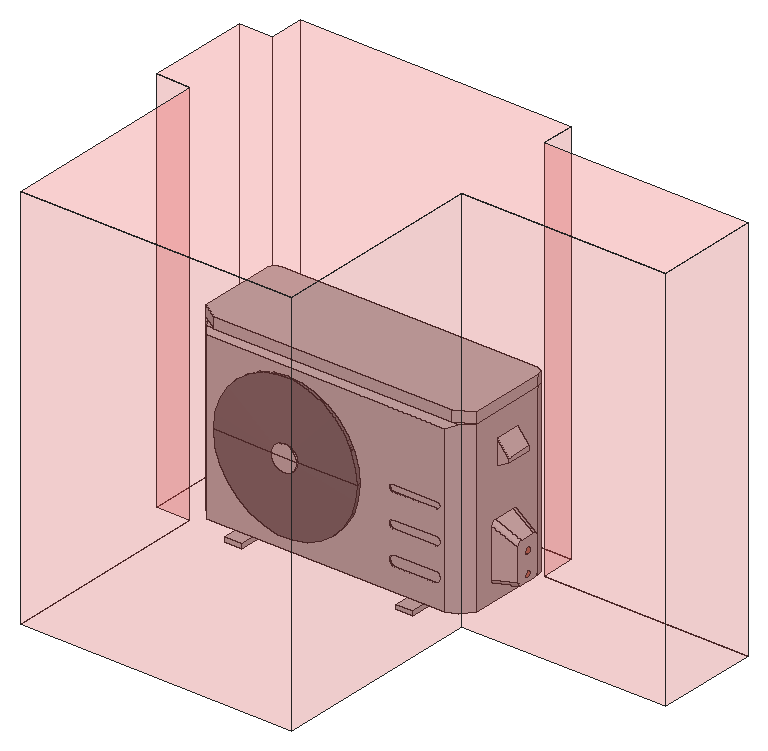
Revit family "Heat Pump-Split System-Outdoor-Carrier-Single Phase-0.75-3 ton", category Mechanical Equipment, Revit 2015 (continued)
Types in the file's own list only (13): name | Voltage | Visibility 2 | Visibility 1 | Unit Net Weight | Type Comments | Shroud Radius | Shroud Diameter | Length 25 | Length 23 | Length 22 | Length 20 | Length 19 | DX Shield Length | Relief 3 Height | Relief 2 Height | Model | Minimum Circuit Amps | Maximum Overcurrent Protection | Lid Width | Length 9 | Length 7 | Length 18 | Length 17 | Length 14 | Length 13 | Length 10 | Heating Capacity | Fan X Offset | Fan Radius | Fan Material | Fan Diameter | DX Liquid Z Offset | DX Liquid Socket Radius | DX Gas Z Offset | DX Gas Socket Radius | DX Connection Y Offset | Cooling Capacity | Height | Length 1 | Foot Center to Center | DX Liquid Radius | DX Liquid Diameter | DX Gas Radius | DX Gas Diameter | Length | Width | Body Width | Apparent Load
  38MAQB09R--3 - 230 v | 230 V | No | No | 91.50 lb | "0.75 ton Cooling Capacity - 230 v" | 8.50" | 17.00" | 0.20" | 0.50" | 1.50" | 0.78" | 1.47" | 2.79" | 0.75" | 1.00" | "38MAQB09R--3" | 9 A | 15 A | 11.23" | 0.44" | 22.04" | 5.25" | 5.00" | 5.67" | 2.83" | 0.38" | 11000.0 Btu/h | 11.50" | 8.00" | Metal - Carrier - Fan 1 | 16.00" | 3.26" | 0.28" | 5.72" | 0.34" | 7.25" | 9000.0 Btu/h | 21.81" | 2.61" | 20.22" | 1/8" | 1/4" | 1/4" | 3/8" | 32.04" | 14.36" | 12.23" | 2588 VA
  38MAQB12R--3 - 230 v | 230 V | No | No | 91.50 lb | "1 ton Cooling Capacity - 230 v" | 8.50" | 17.00" | 0.20" | 0.50" | 1.50" | 0.78" | 1.53" | 2.79" | 0.75" | 1.00" | "38MAQB12R--3" | 9 A | 15 A | 11.23" | 0.50" | 22.04" | 5.25" | 5.00" | 5.67" | 2.83" | 0.38" | 12000.0 Btu/h | 11.50" | 8.00" | Metal - Carrier - Fan 1 | 16.00" | 3.26" | 0.28" | 5.72" | 0.40" | 7.25" | 12000.0 Btu/h | 21.81" | 2.61" | 20.22" | 1/8" | 1/4" | 1/4" | 1/2" | 32.04" | 14.36" | 12.23" | 2588 VA
  38MAQB18R--3 - 230 v | 230 V | No | Yes | 118.20 lb | "1.5 ton Cooling Capacity - 230 v" | 8.50" | 17.00" | 0.20" | 0.50" | 1.50" | 0.78" | 1.53" | 2.80" | 1.25" | 1.25" | "38MAQB18R--3" | 18 A | 25 A | 12.15" | 0.50" | 23.19" | 4.75" | 4.75" | 5.67" | 2.83" | 0.38" | 18000.0 Btu/h | 11.50" | 8.00" | Metal - Carrier - Fan 1 | 16.00" | 3.64" | 0.28" | 6.13" | 0.40" | 7.25" | 18000.0 Btu/h | 27.68" | 3.59" | 21.28" | 1/8" | 1/4" | 1/4" | 1/2" | 33.19" | 14.84" | 13.15" | 5175 VA
  38MAQB24R--3 - 230 v | 230 V | Yes | No | 145.50 lb | "2 ton Cooling Capacity - 230 v" | 11.50" | 23.00" | 30.67" | 0.50" | 1.50" | 0.84" | 1.59" | 3.38" | 0.75" | 1.00" | "38MAQB24R--3" | 20 A | 30 A | 14.27" | 0.56" | 27.78" | 5.25" | 5.00" | 7.67" | 3.83" | 0.44" | 24000.0 Btu/h | 14.50" | 11.00" | Metal - Carrier - Fan 2 | 22.00" | 4.27" | 0.34" | 6.95" | 0.46" | 13.50" | 24000.0 Btu/h | 31.91" | 4.29" | 26.49" | 1/4" | 3/8" | 3/8" | 5/8" | 37.78" | 17.90" | 15.27" | 5750 VA
  38MAQB30R--3 - 230 v | 230 V | Yes | No | 139.80 lb | "2.5 ton Cooling Capacity - 230 v" | 11.50" | 23.00" | 30.67" | 2.00" | 0.75" | 0.84" | 1.59" | 3.38" | 0.75" | 1.00" | "38MAQB30R--3" | 20 A | 30 A | 14.27" | 0.56" | 27.78" | 5.25" | 5.00" | 7.67" | 3.83" | 0.44" | 30000.0 Btu/h | 14.50" | 11.00" | Metal - Carrier - Fan 2 | 22.00" | 4.27" | 0.34" | 6.95" | 0.46" | 13.50" | 30000.0 Btu/h | 31.91" | 4.29" | 26.49" | 1/4" | 3/8" | 3/8" | 5/8" | 37.78" | 17.90" | 15.27" | 5750 VA
  38MAQB36R--3 - 230 v | 230 V | Yes | No | 147.30 lb | "3 ton Cooling Capacity - 230 v" | 11.50" | 23.00" | 30.67" | 2.00" | 0.75" | 0.84" | 1.59" | 3.38" | 0.75" | 1.00" | "38MAQB36R--3" | 25 A | 35 A | 14.27" | 0.56" | 27.78" | 5.25" | 5.00" | 7.67" | 3.83" | 0.44" | 36000.0 Btu/h | 14.50" | 11.00" | Metal - Carrier - Fan 2 | 22.00" | 4.27" | 0.34" | 6.95" | 0.46" | 13.50" | 36000.0 Btu/h | 31.91" | 4.29" | 26.49" | 1/4" | 3/8" | 3/8" | 5/8" | 37.78" | 17.90" | 15.27" | 7188 VA
